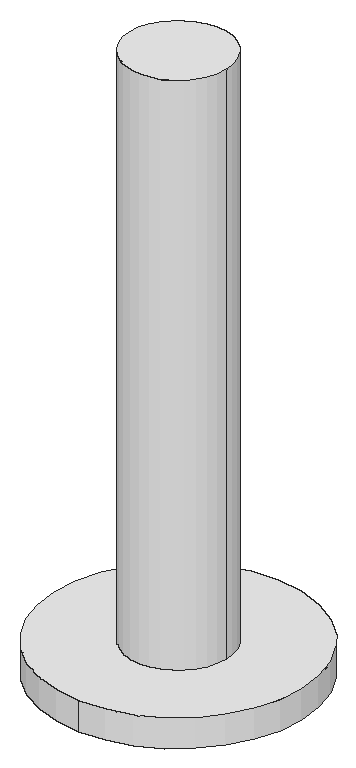
Revit family "KEUCO_59545010101", category Allgemeines Modell, Revit 2016
Family settings
  Teiletyp = Normal
  Kann Basisbauteil für Bewehrung sein = Nein
  Bemaßung runder Anschluss = Durchmesser verwenden
  Arbeitsebenenbasiert = Ja
  Immer vertikal = Nein
  Beim Laden mit Abzugskörper schneiden = Nein
  Gemeinsam genutzt = Nein
  Raumberechnungspunkt = Nein
Parameters
  Verwendung = "DU / WA"  # constant formula
  Preisgruppe = ""
  Kategorie = ""
  Gewicht = 0
  Breite = 202 mm
  URL = "https://www.keuco.com"
  Materialien bei Hersteller anfragen = "Anfrage zu:  objektmanagement@keuco.de"
  Description = "--"
  Default Elevation = 1219.2 mm
  Serie = "Plan"  # constant formula
  Material = Stahl, verchromt
  Hersteller = "KEUCO"  # constant formula
  Assembly Code = ""
  Ausschreibungstext = ""
  Artikelnummer = "59545010101"
Types (2, lengths in mm): name | URL | Materialien bei Hersteller anfragen | Description | Ausschreibungstext
  (no name) | "https://www.keuco.com" | "Anfrage zu:  objektmanagement@keuco.de" | "--" | ""
  59545010101 | "https://www.keuco.com/de/produkte/sortiment/artikel/?pid=59545&oid=1&pgo=8&country=de&lang=de&vid=59545010101" | "Request to:  objektmanagement@keuco.de" | "mit runder Rosette,\r\npassend für alle UP-Armaturen" | "KEUCO IXMO Wanneneinlauf DN 15, 59545010101,\r\nhochglanzverchromter Wanneneinlauf DN 15 \r\nin zeitloser Formensprache, \r\npassend für alle Unterputz-Armaturen, \r\nrunde Rosett mit 90 mm Durchmesser, \r\nGesamtausladung 202 mm, Wasseraustritt bei 180 mm, \r\nWasseranschluss G 1/2 Zoll, Durchmesser 35 mm, \r\nempfohlene Funktionseinheit: 59547000170 \r\nin Kombination mit Montageschiene 5957000001-3"
Reference planes
  plane 1 "Center (Front/Back)": y = 0
  plane 2: z = 0
  plane 3 "Center (Left/Right)": x = 0
  plane 4: z = 202
  plane 5: z = 36
Forms (mm)
  Extrusion 1, solid, material "Stahl, verchromt" <- "Material"
    sketch origin (0, 16.5, 20) x (0, 1, 0) y (-1, 0, 0)
      loop
        circle (-16.5, 0) r 45
    from -20 to -10
  Extrusion 2, solid, material "Stahl, verchromt" <- "Material"
    sketch origin (0, 16.5, 20) x (0, 1, 0) y (-1, 0, 0)
      loop
        circle (-16.5, 0) r 17.5
    from -10 to 182
Dimensions and locks
  "Breite": plane 4 to plane 2
  plane 5 to plane 2 = 36 mm
  aligned and locked: level to plane 2
  aligned and locked: plane 4 to Extrusion 2
Automatic sketch dimensions
  plane 1 "Center (Front/Back)" to Extrusion 2 sketch curve = 0 mm
  Extrusion 2 sketch curve to plane 3 "Center (Left/Right)" = 0 mm
  plane 1 "Center (Front/Back)" to Extrusion 1 sketch curve = 0 mm
  Extrusion 1 sketch curve to plane 3 "Center (Left/Right)" = 0 mm
  radius of Extrusion 2 sketch curve = 17.5 mm
  radius of Extrusion 1 sketch curve = 45 mm
